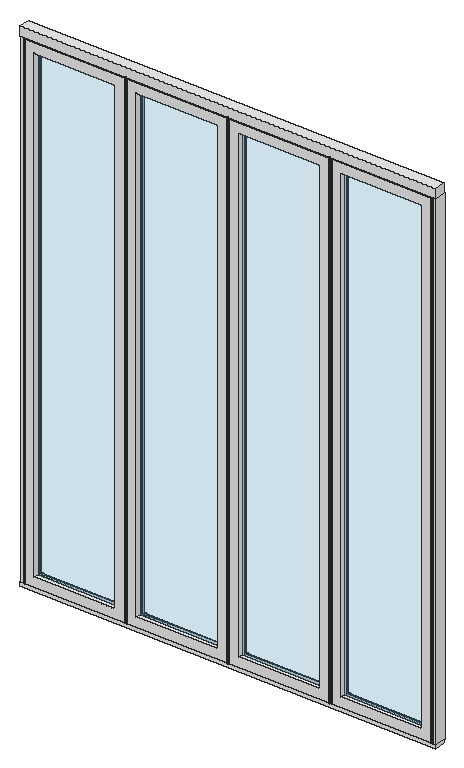
Revit family "98134", category Windows, host Wall, Revit 2018 (continued)
Definition of nested family "Right-Jamb_SL-70"
  Definition of nested family "Detail Item_Right-Jamb_SL-70"
    Lines and regions (mm)
      model lines, in view "Ref. Level"
        curve 560: line (18.875, -6.379, 0) -> (18.875, -6.919, 0)
        curve 561: line (23.125, -6.919, 0) -> (23.125, -6.379, 0)
        curve 562: line (23.125, -6.379, 0) -> (22, -4.431, 0)
        curve 563: line (22, -4.431, 0) -> (22, -4.183, 0)
        curve 564: line (22, 9.945, 0) -> (22, 10.192, 0)
        curve 565: line (22, 10.192, 0) -> (23.125, 12.141, 0)
        curve 566: line (23.125, 12.141, 0) -> (23.125, 12.681, 0)
        curve 567: line (23.275, 6.149, 0) -> (23.275, -0.387, 0)
        curve 568: line (25.075, -1.831, 0) -> (25.075, 7.592, 0)
        curve 569: line (22.925, 12.881, 0) -> (19.075, 12.881, 0)
        curve 570: line (22.775, -1.253, 0) -> (20.5, -2.567, 0)
        curve 571: line (22.25, -3.75, 0) -> (24.825, -2.264, 0)
        curve 572: line (19.075, -7.119, 0) -> (22.925, -7.119, 0)
        curve 573: line (24.825, 8.025, 0) -> (22.25, 9.512, 0)
        curve 574: line (20.5, 8.328, 0) -> (22.775, 7.015, 0)
      model lines, in view "Ref. Level", visible <- "Half"
        curve 4: arc (35.75, -40.619, 0) -> (36.25, -40.119, 0) -> (35.75, -39.619, 0) r 0.5
        curve 5: circle (38.75, -47.619, 0) r 3.25 normal (0, 0, 1)
        curve 6: arc (41.55, -22.119, 0) -> (40.086, -18.584, 0) -> (36.55, -17.119, 0) r 5
        curve 7: arc (32.75, -47.619, 0) -> (41.848, -52.757, 0) -> (41.55, -42.313, 0) r 6
        curve 8: circle (38.75, -47.619, 0) r 3.75 normal (0, 0, 1)
        curve 9: line (40.55, -42.955, 0) -> (41.55, -42.313, 0)
        curve 10: arc (32.182, -27.272, 0) -> (31.113, -27.987, 0) -> (30.7, -29.204, 0) r 2
        curve 11: arc (30.7, -34.634, 0) -> (31.113, -35.852, 0) -> (32.182, -36.566, 0) r 2
        curve 12: circle (38.75, -47.619, 0) r 4.5 normal (0, 0, 1)
        curve 13: arc (35.67, -41.333, 0) -> (35.046, -53.559, 0) -> (45.75, -47.619, 0) r 7
        curve 14: arc (36.95, -24.619, 0) -> (36.243, -24.912, 0) -> (35.95, -25.619, 0) r 1
        curve 15: arc (41.75, -39.619, 0) -> (41.25, -40.119, 0) -> (41.75, -40.619, 0) r 0.5
        curve 16: arc (35.67, -41.333, 0) -> (35.874, -41.149, 0) -> (35.95, -40.884, 0) r 0.5
        curve 17: circle (38.75, -47.619, 0) r 4 normal (0, 0, 1)
        curve 18: circle (38.75, -47.619, 0) r 3.1 normal (0, 0, 1)
        curve 19: arc (46.8, -29.204, 0) -> (46.387, -27.987, 0) -> (45.318, -27.272, 0) r 2
        curve 20: arc (45.318, -36.566, 0) -> (46.387, -35.852, 0) -> (46.8, -34.634, 0) r 2
        curve 31: line (32.75, -47.619, 0) -> (32.75, -41.021, 0)
        curve 32: line (32.75, -41.021, 0) -> (34.25, -40.619, 0)
        curve 33: line (34.25, -40.619, 0) -> (35.75, -40.619, 0)
        curve 34: line (41.55, -22.119, 0) -> (41.55, -42.313, 0)
        curve 35: line (35.75, -39.619, 0) -> (35.75, -35.419, 0)
        curve 36: line (35.75, -35.419, 0) -> (33.75, -34.883, 0)
        curve 37: line (33.75, -34.883, 0) -> (33.75, -28.955, 0)
        curve 38: line (33.75, -28.955, 0) -> (35.75, -28.419, 0)
        curve 39: line (35.75, -28.419, 0) -> (35.75, -17.119, 0)
        curve 40: line (35.75, -17.119, 0) -> (36.55, -17.119, 0)
        curve 41: line (33.2, -35.119, 0) -> (33.5, -35.119, 0)
        curve 42: line (33.5, -35.119, 0) -> (33.5, -36.919, 0)
        curve 43: line (33.5, -36.919, 0) -> (32.182, -36.566, 0)
        curve 44: line (33.75, -34.119, 0) -> (33.2, -34.119, 0)
        curve 45: line (33.2, -33.619, 0) -> (33.75, -33.619, 0)
        curve 57: line (33.5, -28.119, 0) -> (35.2, -28.119, 0)
        curve 58: line (35.2, -28.119, 0) -> (35.2, -28.567, 0)
        curve 59: line (33.5, -29.119, 0) -> (33.5, -26.919, 0)
        curve 60: line (33.5, -26.919, 0) -> (32.182, -27.272, 0)
        curve 61: line (33.2, -36.839, 0) -> (33.2, -27, 0)
        curve 62: line (30.7, -29.204, 0) -> (30.7, -34.634, 0)
        curve 63: line (38.75, -57.619, 0) -> (38.75, -37.619, 0)
        curve 64: line (28.75, -47.619, 0) -> (48.75, -47.619, 0)
        curve 65: line (41.75, -39.619, 0) -> (41.75, -40.619, 0)
        curve 66: line (41.75, -40.619, 0) -> (43.25, -40.619, 0)
        curve 67: line (43.25, -40.619, 0) -> (45.75, -41.289, 0)
        curve 68: line (45.75, -41.289, 0) -> (45.75, -47.619, 0)
        curve 69: line (35.95, -40.884, 0) -> (35.95, -25.619, 0)
        curve 70: line (36.95, -24.619, 0) -> (41.75, -24.619, 0)
        curve 71: line (41.75, -24.619, 0) -> (41.75, -28.624, 0)
        curve 72: line (41.75, -28.624, 0) -> (42.3, -30.135, 0)
        curve 73: line (43.75, -34.119, 0) -> (43.75, -34.883, 0)
        curve 74: line (43.75, -34.883, 0) -> (41.75, -35.419, 0)
        curve 75: line (41.75, -35.419, 0) -> (41.75, -39.619, 0)
        curve 76: line (46.8, -29.204, 0) -> (46.8, -34.634, 0)
        curve 77: line (44.3, -36.839, 0) -> (44.3, -27, 0)
        curve 78: line (45.318, -36.566, 0) -> (44, -36.919, 0)
        curve 79: line (44, -36.919, 0) -> (44, -35.119, 0)
        curve 80: line (44, -35.119, 0) -> (44.3, -35.119, 0)
        curve 81: line (44, -29.119, 0) -> (44, -26.919, 0)
        curve 82: line (44, -26.919, 0) -> (45.318, -27.272, 0)
        curve 83: line (44, -28.119, 0) -> (42.3, -28.119, 0)
        curve 84: line (42.3, -28.119, 0) -> (42.3, -33.619, 0)
        curve 85: line (42.3, -33.619, 0) -> (42.3, -34.119, 0)
        curve 86: line (42.3, -34.119, 0) -> (44.3, -34.119, 0)
        curve 87: line (44.3, -33.619, 0) -> (42.3, -33.619, 0)
        curve 89: arc (87.333, -10.712, 0) -> (86.252, -11.046, 0) -> (86.585, -12.127, 0) r 0.8
        curve 90: arc (98.723, -11.441, 0) -> (98.155, -10.63, 0) -> (97.344, -11.198, 0) r 0.7
        curve 91: arc (98.187, -14.482, 0) -> (98.301, -14.837, 0) -> (98.658, -14.944, 0) r 0.4
        curve 92: arc (95.356, -14.949, 0) -> (96.263, -14.963, 0) -> (96.808, -14.239, 0) r 1
        curve 93: arc (103.645, -11.676, 0) -> (102.883, -10.628, 0) -> (101.864, -11.427, 0) r 0.9
        curve 94: arc (98.658, -14.944, 0) -> (100.84, -13.714, 0) -> (101.864, -11.427, 0) r 4
        curve 95: arc (97.596, 14.059, 0) -> (97.96, 13.568, 0) -> (98.543, 13.381, 0) r 1
        curve 96: arc (101.709, 13.381, 0) -> (102.487, 13.752, 0) -> (102.687, 14.591, 0) r 1
        curve 97: arc (97.345, 15.906, 0) -> (97.385, 14.971, 0) -> (97.596, 14.059, 0) r 5.106
        curve 98: arc (92.742, 19.693, 0) -> (92.376, 19.904, 0) -> (91.979, 19.759, 0) r 0.5
        curve 99: arc (92.912, 19.45, 0) -> (93.627, 18.823, 0) -> (94.55, 18.597, 0) r 2
        curve 100: arc (98.121, 19.759, 0) -> (97.724, 19.904, 0) -> (97.358, 19.693, 0) r 0.5
        curve 101: arc (90.6, 17.181, 0) -> (90.84, 16.635, 0) -> (91.4, 16.431, 0) r 0.759
        curve 102: arc (101.355, 17.213, 0) -> (101.186, 17.337, 0) -> (100.982, 17.381, 0) r 0.5
        curve 103: arc (102.687, 14.591, 0) -> (102.191, 15.989, 0) -> (101.355, 17.213, 0) r 5.76
        curve 104: arc (95.55, 18.597, 0) -> (96.473, 18.823, 0) -> (97.188, 19.45, 0) r 2
        curve 105: arc (97.345, 15.906, 0) -> (97.208, 16.276, 0) -> (96.846, 16.431, 0) r 0.5
        curve 187: arc (50.9, -21.519, 0) -> (51.046, -21.873, 0) -> (51.4, -22.019, 0) r 0.5
        curve 188: arc (53.8, -22.019, 0) -> (54.154, -21.873, 0) -> (54.3, -21.519, 0) r 0.5
        curve 189: arc (54.3, -20.519, 0) -> (54.154, -20.166, 0) -> (53.8, -20.019, 0) r 0.5
        curve 190: arc (55.25, -19.619, 0) -> (55.144, -19.663, 0) -> (55.1, -19.769, 0) r 0.15
        curve 191: arc (57.2, -19.419, 0) -> (56.907, -18.712, 0) -> (56.2, -18.419, 0) r 1
        curve 192: arc (56.1, -21.118, 0) -> (55.981, -20.905, 0) -> (55.737, -20.895, 0) r 0.25
        curve 193: arc (50.273, -16.232, 0) -> (47.031, -16.185, 0) -> (43.854, -16.837, 0) r 15
        curve 194: arc (50.127, -17.423, 0) -> (47.225, -17.373, 0) -> (44.376, -17.93, 0) r 13.8
        curve 195: arc (43.08, -19.477, 0) -> (44.853, -20.876, 0) -> (47.046, -21.417, 0) r 5.341
        curve 196: arc (50.127, -17.423, 0) -> (50.795, -16.901, 0) -> (50.273, -16.232, 0) r 0.6
        curve 197: arc (50.1, -19.769, 0) -> (50.056, -19.663, 0) -> (49.95, -19.619, 0) r 0.15
        curve 198: arc (51.4, -20.019, 0) -> (51.046, -20.166, 0) -> (50.9, -20.519, 0) r 0.5
        curve 199: arc (47.35, -19.619, 0) -> (47.244, -19.663, 0) -> (47.2, -19.769, 0) r 0.15
        curve 200: arc (49.463, -21.114, 0) -> (49.219, -21.124, 0) -> (49.1, -21.337, 0) r 0.25
        curve 201: arc (47.046, -21.417, 0) -> (47.155, -21.375, 0) -> (47.2, -21.267, 0) r 0.15
        curve 202: arc (43.854, -16.837, 0) -> (42.767, -17.952, 0) -> (43.08, -19.477, 0) r 1.662
        curve 203: arc (44.376, -17.93, 0) -> (44.203, -18.206, 0) -> (44.45, -18.419, 0) r 0.25
        curve 204: arc (79.755, 10.089, 0) -> (79.693, 10.27, 0) -> (79.534, 10.378, 0) r 0.3
        curve 205: arc (79.955, 8.647, 0) -> (80.556, 8.919, 0) -> (80.748, 9.55, 0) r 0.8
        curve 206: arc (80.842, 9.802, 0) -> (80.771, 9.686, 0) -> (80.757, 9.551, 0) r 0.3
        curve 207: arc (81.102, 10.061, 0) -> (81.148, 10.134, 0) -> (81.16, 10.22, 0) r 0.2
        curve 208: arc (81.124, 13.147, 0) -> (80.646, 12.462, 0) -> (81.028, 11.721, 0) r 0.808
        curve 209: arc (79.876, 17.14, 0) -> (79.702, 17.105, 0) -> (79.624, 16.947, 0) r 0.2
        curve 210: arc (99.32, 22.868, 0) -> (97.722, 26.401, 0) -> (94.124, 27.847, 0) r 5.2
        curve 211: arc (98.82, 22.347, 0) -> (99.181, 22.501, 0) -> (99.32, 22.868, 0) r 0.5
        curve 212: arc (90.824, 22.347, 0) -> (89.764, 21.907, 0) -> (89.324, 20.847, 0) r 1.5
        curve 213: arc (89.324, 18.847, 0) -> (89.676, 17.998, 0) -> (90.524, 17.647, 0) r 1.2
        curve 214: arc (101.124, 22.647, 0) -> (99.074, 27.596, 0) -> (94.124, 29.647, 0) r 7
        curve 215: arc (57.624, 24.988, 0) -> (57.774, 27.317, 0) -> (57.624, 29.647, 0) r 18.161
        curve 216: arc (58.872, 24.653, 0) -> (59.046, 24.688, 0) -> (59.124, 24.847, 0) r 0.2
        curve 217: arc (59.124, 16.947, 0) -> (59.046, 17.105, 0) -> (58.872, 17.14, 0) r 0.2
        curve 218: arc (57.72, 11.721, 0) -> (58.102, 12.462, 0) -> (57.624, 13.147, 0) r 0.808
        curve 219: arc (57.589, 10.22, 0) -> (57.659, 10.049, 0) -> (57.84, 10.009, 0) r 0.2
        curve 220: arc (79.532, -8.085, 0) -> (79.693, -7.978, 0) -> (79.755, -7.795, 0) r 0.3
        curve 221: arc (80.748, -7.257, 0) -> (80.556, -6.626, 0) -> (79.955, -6.353, 0) r 0.8
        curve 222: arc (80.757, -7.258, 0) -> (80.771, -7.393, 0) -> (80.842, -7.509, 0) r 0.3
        curve 223: arc (81.16, -7.927, 0) -> (81.148, -7.841, 0) -> (81.102, -7.768, 0) r 0.2
        curve 224: arc (81.028, -9.427, 0) -> (80.646, -10.169, 0) -> (81.124, -10.853, 0) r 0.808
        curve 225: arc (79.624, -14.653, 0) -> (79.702, -14.812, 0) -> (79.876, -14.847, 0) r 0.2
        curve 226: arc (79.876, -22.36, 0) -> (79.702, -22.395, 0) -> (79.624, -22.553, 0) r 0.2
        curve 227: arc (79.624, -27.653, 0) -> (79.702, -27.812, 0) -> (79.876, -27.847, 0) r 0.2
        curve 228: arc (79.876, -35.36, 0) -> (79.702, -35.395, 0) -> (79.624, -35.553, 0) r 0.2
        curve 229: arc (81.124, -35.695, 0) -> (80.974, -38.024, 0) -> (81.124, -40.353, 0) r 18.161
        curve 230: arc (42.624, -40.353, 0) -> (42.774, -38.024, 0) -> (42.624, -35.695, 0) r 18.161
        curve 231: arc (44.124, -35.553, 0) -> (44.046, -35.395, 0) -> (43.872, -35.36, 0) r 0.2
        curve 232: arc (43.872, -27.847, 0) -> (44.046, -27.812, 0) -> (44.124, -27.653, 0) r 0.2
        curve 233: arc (43.817, -24.353, 0) -> (43.141, -24.616, 0) -> (42.821, -25.266, 0) r 1
        curve 234: arc (48.524, -19.353, 0) -> (47.817, -19.646, 0) -> (47.524, -20.353, 0) r 1
        curve 235: arc (50.224, -19.853, 0) -> (50.078, -19.5, 0) -> (49.724, -19.353, 0) r 0.5
        curve 236: arc (55.724, -19.353, 0) -> (55.371, -19.5, 0) -> (55.224, -19.853, 0) r 0.5
        curve 237: arc (57.624, -11.853, 0) -> (57.917, -12.561, 0) -> (58.624, -12.853, 0) r 1
        curve 238: arc (57.624, -10.853, 0) -> (58.102, -10.169, 0) -> (57.72, -9.427, 0) r 0.808
        curve 239: arc (57.84, -7.716, 0) -> (57.659, -7.756, 0) -> (57.589, -7.927, 0) r 0.2
        curve 240: arc (90, -17.385, 0) -> (89.293, -17.678, 0) -> (89, -18.385, 0) r 1
        curve 241: arc (90, -17.385, 0) -> (89.293, -17.678, 0) -> (89, -18.385, 0) r 1
        curve 242: arc (90, -17.385, 0) -> (89.293, -17.678, 0) -> (89, -18.385, 0) r 1
        curve 243: arc (90, -17.385, 0) -> (89.293, -17.678, 0) -> (89, -18.385, 0) r 1
        curve 244: arc (91.4, -17.685, 0) -> (91.312, -17.473, 0) -> (91.1, -17.385, 0) r 0.3
        curve 245: arc (91.4, -17.685, 0) -> (91.312, -17.473, 0) -> (91.1, -17.385, 0) r 0.3
        curve 246: arc (91.4, -17.685, 0) -> (91.312, -17.473, 0) -> (91.1, -17.385, 0) r 0.3
        curve 247: arc (91.4, -17.685, 0) -> (91.312, -17.473, 0) -> (91.1, -17.385, 0) r 0.3
        curve 248: arc (98.8, -17.385, 0) -> (98.588, -17.473, 0) -> (98.5, -17.685, 0) r 0.3
        curve 249: arc (98.8, -17.385, 0) -> (98.588, -17.473, 0) -> (98.5, -17.685, 0) r 0.3
        curve 250: arc (98.8, -17.385, 0) -> (98.588, -17.473, 0) -> (98.5, -17.685, 0) r 0.3
        curve 251: arc (98.8, -17.385, 0) -> (98.588, -17.473, 0) -> (98.5, -17.685, 0) r 0.3
        curve 252: arc (82.6, -35.585, 0) -> (82.249, -34.737, 0) -> (81.4, -34.385, 0) r 1.2
        curve 253: arc (82.546, -26.932, 0) -> (82.384, -26.823, 0) -> (82.193, -26.785, 0) r 0.5
        curve 254: arc (82.6, -35.585, 0) -> (82.249, -34.737, 0) -> (81.4, -34.385, 0) r 1.2
        curve 255: arc (82.546, -26.932, 0) -> (82.384, -26.823, 0) -> (82.193, -26.785, 0) r 0.5
        curve 256: arc (82.6, -35.585, 0) -> (82.249, -34.737, 0) -> (81.4, -34.385, 0) r 1.2
        curve 257: arc (82.546, -26.932, 0) -> (82.384, -26.823, 0) -> (82.193, -26.785, 0) r 0.5
        curve 258: arc (82.6, -35.585, 0) -> (82.249, -34.737, 0) -> (81.4, -34.385, 0) r 1.2
        curve 259: arc (82.546, -26.932, 0) -> (82.384, -26.823, 0) -> (82.193, -26.785, 0) r 0.5
        curve 260: arc (77.95, -27.06, 0) -> (77.767, -27.243, 0) -> (77.7, -27.493, 0) r 0.5
        curve 261: arc (77.95, -27.06, 0) -> (77.767, -27.243, 0) -> (77.7, -27.493, 0) r 0.5
        curve 262: arc (77.95, -27.06, 0) -> (77.767, -27.243, 0) -> (77.7, -27.493, 0) r 0.5
        curve 263: arc (77.95, -27.06, 0) -> (77.767, -27.243, 0) -> (77.7, -27.493, 0) r 0.5
        curve 264: arc (77.7, -28.085, 0) -> (77.846, -28.439, 0) -> (78.2, -28.585, 0) r 0.5
        curve 265: arc (77.7, -28.085, 0) -> (77.846, -28.439, 0) -> (78.2, -28.585, 0) r 0.5
        curve 266: arc (77.7, -28.085, 0) -> (77.846, -28.439, 0) -> (78.2, -28.585, 0) r 0.5
        curve 267: arc (77.7, -28.085, 0) -> (77.846, -28.439, 0) -> (78.2, -28.585, 0) r 0.5
        curve 268: arc (79.5, -26.685, 0) -> (79.35, -26.425, 0) -> (79.05, -26.425, 0) r 0.3
        curve 269: arc (79.5, -26.685, 0) -> (79.35, -26.425, 0) -> (79.05, -26.425, 0) r 0.3
        curve 270: arc (79.5, -26.685, 0) -> (79.35, -26.425, 0) -> (79.05, -26.425, 0) r 0.3
        curve 271: arc (79.5, -26.685, 0) -> (79.35, -26.425, 0) -> (79.05, -26.425, 0) r 0.3
        curve 272: arc (78.393, -35.644, 0) -> (78.534, -35.702, 0) -> (78.676, -35.644, 0) r 0.2
        curve 273: arc (78.393, -35.644, 0) -> (78.534, -35.702, 0) -> (78.676, -35.644, 0) r 0.2
        curve 274: arc (78.393, -35.644, 0) -> (78.534, -35.702, 0) -> (78.676, -35.644, 0) r 0.2
        curve 275: arc (78.393, -35.644, 0) -> (78.534, -35.702, 0) -> (78.676, -35.644, 0) r 0.2
        curve 276: arc (78.1, -34.385, 0) -> (77.73, -34.632, 0) -> (77.817, -35.068, 0) r 0.4
        curve 277: arc (78.1, -34.385, 0) -> (77.73, -34.632, 0) -> (77.817, -35.068, 0) r 0.4
        curve 278: arc (78.1, -34.385, 0) -> (77.73, -34.632, 0) -> (77.817, -35.068, 0) r 0.4
        curve 279: arc (78.1, -34.385, 0) -> (77.73, -34.632, 0) -> (77.817, -35.068, 0) r 0.4
        curve 280: arc (89, -20.385, 0) -> (89.351, -21.234, 0) -> (90.2, -21.585, 0) r 1.2
        curve 281: arc (89, -20.385, 0) -> (89.351, -21.234, 0) -> (90.2, -21.585, 0) r 1.2
        curve 282: arc (89, -20.385, 0) -> (89.351, -21.234, 0) -> (90.2, -21.585, 0) r 1.2
        curve 283: arc (89, -20.385, 0) -> (89.351, -21.234, 0) -> (90.2, -21.585, 0) r 1.2
        curve 284: arc (82.854, -27.239, 0) -> (83.016, -27.347, 0) -> (83.207, -27.385, 0) r 0.5
        curve 285: arc (82.854, -27.239, 0) -> (83.016, -27.347, 0) -> (83.207, -27.385, 0) r 0.5
        curve 286: arc (82.854, -27.239, 0) -> (83.016, -27.347, 0) -> (83.207, -27.385, 0) r 0.5
        curve 287: arc (82.854, -27.239, 0) -> (83.016, -27.347, 0) -> (83.207, -27.385, 0) r 0.5
        curve 288: line (87.333, -10.712, 0) -> (95.356, -14.949, 0)
        curve 289: line (98.723, -11.441, 0) -> (98.187, -14.482, 0)
        curve 290: line (96.808, -14.239, 0) -> (97.344, -11.198, 0)
        curve 291: line (103.645, -11.676, 0) -> (102.386, -18.819, 0)
        curve 292: line (102.386, -18.819, 0) -> (101, -19.619, 0)
        curve 293: line (101, -19.619, 0) -> (101, -17.619, 0)
        curve 294: line (101, -17.619, 0) -> (98.5, -17.619, 0)
        curve 295: line (98.5, -17.619, 0) -> (98.5, -18.419, 0)
        curve 296: line (98.5, -18.419, 0) -> (86.585, -12.127, 0)
        curve 297: line (101.709, 13.381, 0) -> (98.543, 13.381, 0)
        curve 298: line (92.912, 19.45, 0) -> (92.742, 19.693, 0)
        curve 299: line (91.979, 19.759, 0) -> (90.6, 18.381, 0)
        curve 300: line (90.6, 18.381, 0) -> (91.4, 18.381, 0)
        curve 301: line (97.358, 19.693, 0) -> (97.188, 19.45, 0)
        curve 302: line (95.55, 18.597, 0) -> (94.55, 18.597, 0)
        curve 303: line (91.4, 16.431, 0) -> (96.846, 16.431, 0)
        curve 304: line (90.6, 17.181, 0) -> (90.6, 17.381, 0)
        curve 305: line (90.6, 17.381, 0) -> (91.4, 17.381, 0)
        curve 306: line (91.4, 17.381, 0) -> (91.4, 18.381, 0)
        curve 307: line (91.4, 18.381, 0) -> (91.4, 17.381, 0)
        curve 308: line (98.121, 19.759, 0) -> (99.5, 18.381, 0)
        curve 309: line (99.5, 18.381, 0) -> (98.5, 18.381, 0)
        curve 310: line (98.5, 18.381, 0) -> (98.5, 17.381, 0)
        curve 311: line (98.5, 17.381, 0) -> (100.982, 17.381, 0)
        curve 312: line (100.982, 17.381, 0) -> (98.5, 17.381, 0)
        curve 313: line (98.5, 17.381, 0) -> (98.5, 18.381, 0)
        curve 314: line (98.5, 18.381, 0) -> (99.5, 18.381, 0)
        curve 315: line (99.5, 18.381, 0) -> (99.5, 20.381, 0)
        curve 575: line (63.65, 32.181, 0) -> (58.85, 32.181, 0)
        curve 576: line (58.85, 32.181, 0) -> (58.85, 33.181, 0)
        curve 577: line (58.85, 33.181, 0) -> (63.65, 33.181, 0)
        curve 578: line (63.65, 33.181, 0) -> (63.65, 32.181, 0)
        curve 579: line (61.25, 29.181, 0) -> (61.25, 32.181, 0)
        curve 580: line (61.25, 32.181, 0) -> (60.721, 29.181, 0)
        curve 581: line (60.235, 32.181, 0) -> (59.706, 29.181, 0)
        curve 582: line (60.742, 32.181, 0) -> (60.213, 29.181, 0)
        curve 583: line (61.25, 32.181, 0) -> (61.779, 29.181, 0)
        curve 584: line (61.758, 32.181, 0) -> (62.287, 29.181, 0)
        curve 585: line (62.265, 32.181, 0) -> (62.794, 29.181, 0)
        curve 586: line (50.39, -22.919, 0) -> (49.1, -21.629, 0)
        curve 587: line (56.1, -21.41, 0) -> (54.59, -22.919, 0)
        curve 588: line (44.45, -18.419, 0) -> (56.2, -18.419, 0)
        curve 589: line (57.2, -19.419, 0) -> (57.2, -19.619, 0)
        curve 590: line (57.2, -19.619, 0) -> (55.25, -19.619, 0)
        curve 591: line (55.1, -19.769, 0) -> (55.1, -21.219, 0)
        curve 592: line (55.1, -21.219, 0) -> (55.737, -20.895, 0)
        curve 593: line (56.1, -21.118, 0) -> (56.1, -21.41, 0)
        curve 594: line (54.3, -21.519, 0) -> (54.3, -20.519, 0)
        curve 595: line (49.463, -21.114, 0) -> (50.1, -21.438, 0)
        curve 596: line (50.1, -21.438, 0) -> (50.1, -19.769, 0)
        curve 597: line (50.9, -20.519, 0) -> (50.9, -21.519, 0)
        curve 598: line (53.8, -20.019, 0) -> (51.4, -20.019, 0)
        curve 599: line (49.95, -19.619, 0) -> (47.35, -19.619, 0)
        curve 600: line (49.1, -21.629, 0) -> (49.1, -21.337, 0)
        curve 601: line (47.2, -19.769, 0) -> (47.2, -21.267, 0)
        curve 602: line (54.59, -22.919, 0) -> (50.39, -22.919, 0)
        curve 603: line (51.4, -22.019, 0) -> (53.8, -22.019, 0)
        curve 604: line (79.755, 10.089, 0) -> (79.755, 8.647, 0)
        curve 605: line (79.755, 8.647, 0) -> (79.955, 8.647, 0)
        curve 606: line (80.842, 9.802, 0) -> (81.102, 10.061, 0)
        curve 607: line (81.16, 10.22, 0) -> (81.028, 11.721, 0)
        curve 608: line (81.124, 13.147, 0) -> (81.124, 16.805, 0)
        curve 609: line (81.124, 16.805, 0) -> (79.876, 17.14, 0)
        curve 610: line (79.624, 16.947, 0) -> (79.624, 15.147, 0)
        curve 611: line (79.624, 15.147, 0) -> (76.224, 15.147, 0)
        curve 612: line (76.224, 15.147, 0) -> (76.224, 27.847, 0)
        curve 613: line (76.224, 27.847, 0) -> (79.624, 27.847, 0)
        curve 614: line (79.624, 27.847, 0) -> (80.124, 24.347, 0)
        curve 615: line (80.124, 24.347, 0) -> (81.124, 24.347, 0)
        curve 616: line (81.124, 24.347, 0) -> (81.124, 27.847, 0)
        curve 617: line (81.124, 27.847, 0) -> (94.124, 27.847, 0)
        curve 618: line (98.82, 22.347, 0) -> (90.824, 22.347, 0)
        curve 619: line (89.324, 20.847, 0) -> (89.324, 18.847, 0)
        curve 620: line (90.524, 17.647, 0) -> (91.524, 17.647, 0)
        curve 621: line (91.524, 17.647, 0) -> (91.524, 18.647, 0)
        curve 622: line (91.524, 18.647, 0) -> (90.524, 18.647, 0)
        curve 623: line (90.524, 18.647, 0) -> (90.524, 20.647, 0)
        curve 624: line (90.524, 20.647, 0) -> (99.624, 20.647, 0)
        curve 625: line (99.624, 20.647, 0) -> (99.624, 18.647, 0)
        curve 626: line (99.624, 18.647, 0) -> (98.624, 18.647, 0)
        curve 627: line (98.624, 18.647, 0) -> (98.624, 17.647, 0)
        curve 628: line (98.624, 17.647, 0) -> (101.124, 17.647, 0)
        curve 629: line (101.124, 17.647, 0) -> (101.124, 22.647, 0)
        curve 630: line (94.124, 29.647, 0) -> (57.624, 29.647, 0)
        curve 631: line (57.624, 24.988, 0) -> (58.872, 24.653, 0)
        curve 632: line (59.124, 24.847, 0) -> (59.124, 27.847, 0)
        curve 633: line (59.124, 27.847, 0) -> (62.524, 27.847, 0)
        curve 634: line (62.524, 27.847, 0) -> (62.524, 15.147, 0)
        curve 635: line (62.524, 15.147, 0) -> (59.124, 15.147, 0)
        curve 636: line (59.124, 15.147, 0) -> (59.124, 16.947, 0)
        curve 637: line (58.872, 17.14, 0) -> (57.624, 16.805, 0)
        curve 638: line (57.624, 16.805, 0) -> (57.624, 13.147, 0)
        curve 639: line (57.624, 13.147, 0) -> (57.624, 16.805, 0)
        curve 640: line (57.72, 11.721, 0) -> (57.589, 10.22, 0)
        curve 641: line (78.127, -8.462, 0) -> (79.532, -8.085, 0)
        curve 642: line (79.755, -7.795, 0) -> (79.755, -6.353, 0)
        curve 643: line (79.755, -6.353, 0) -> (79.955, -6.353, 0)
        curve 644: line (80.842, -7.509, 0) -> (81.102, -7.768, 0)
        curve 645: line (81.16, -7.927, 0) -> (81.028, -9.427, 0)
        curve 646: line (81.124, -10.853, 0) -> (81.124, -14.512, 0)
        curve 647: line (81.124, -14.512, 0) -> (79.876, -14.847, 0)
        curve 648: line (79.624, -14.653, 0) -> (79.624, -12.853, 0)
        curve 649: line (79.624, -12.853, 0) -> (76.224, -12.853, 0)
        curve 650: line (76.224, -12.853, 0) -> (76.224, -24.353, 0)
        curve 651: line (76.224, -24.353, 0) -> (79.624, -24.353, 0)
        curve 652: line (79.624, -24.353, 0) -> (79.624, -22.553, 0)
        curve 653: line (79.876, -22.36, 0) -> (81.124, -22.695, 0)
        curve 654: line (81.124, -22.695, 0) -> (81.124, -27.512, 0)
        curve 655: line (81.124, -27.512, 0) -> (79.876, -27.847, 0)
        curve 656: line (79.624, -27.653, 0) -> (79.624, -25.853, 0)
        curve 657: line (79.624, -25.853, 0) -> (76.224, -25.853, 0)
        curve 658: line (76.224, -25.853, 0) -> (76.224, -38.553, 0)
        curve 659: line (76.224, -38.553, 0) -> (79.624, -38.553, 0)
        curve 660: line (79.624, -38.553, 0) -> (79.624, -35.553, 0)
        curve 661: line (79.876, -35.36, 0) -> (81.124, -35.695, 0)
        curve 662: line (81.124, -40.353, 0) -> (42.624, -40.353, 0)
        curve 663: line (42.624, -35.695, 0) -> (43.872, -35.36, 0)
        curve 664: line (44.124, -35.553, 0) -> (44.124, -38.553, 0)
        curve 665: line (44.124, -38.553, 0) -> (47.524, -38.553, 0)
        curve 666: line (47.524, -38.553, 0) -> (47.524, -25.853, 0)
        curve 667: line (47.524, -25.853, 0) -> (44.124, -25.853, 0)
        curve 668: line (44.124, -25.853, 0) -> (44.124, -27.653, 0)
        curve 669: line (43.872, -27.847, 0) -> (42.624, -27.512, 0)
        curve 670: line (42.624, -27.512, 0) -> (42.821, -25.266, 0)
        curve 671: line (43.817, -24.353, 0) -> (47.524, -24.353, 0)
        curve 672: line (47.524, -24.353, 0) -> (47.524, -20.353, 0)
        curve 673: line (48.524, -19.353, 0) -> (49.724, -19.353, 0)
        curve 674: line (55.724, -19.353, 0) -> (62.524, -19.353, 0)
        curve 675: line (62.524, -19.353, 0) -> (62.524, -12.853, 0)
        curve 676: line (62.524, -12.853, 0) -> (58.624, -12.853, 0)
        curve 677: line (57.624, -11.853, 0) -> (57.624, -10.853, 0)
        curve 678: line (57.72, -9.427, 0) -> (57.589, -7.927, 0)
        curve 679: line (57.84, -7.716, 0) -> (60.622, -8.462, 0)
        curve 680: line (99.6, -20.385, 0) -> (90.2, -20.385, 0)
        curve 681: line (90.2, -20.385, 0) -> (90.2, -18.385, 0)
        curve 682: line (90.2, -18.385, 0) -> (90.2, -20.385, 0)
        curve 683: line (90.2, -20.385, 0) -> (90.2, -18.385, 0)
        curve 684: line (90.2, -18.385, 0) -> (90.2, -20.385, 0)
        curve 685: line (90.2, -20.385, 0) -> (99.6, -20.385, 0)
        curve 686: line (99.6, -20.385, 0) -> (90.2, -20.385, 0)
        curve 687: line (90.2, -20.385, 0) -> (99.6, -20.385, 0)
        curve 688: line (89, -20.385, 0) -> (89, -18.385, 0)
        curve 689: line (89, -18.385, 0) -> (89, -20.385, 0)
        curve 690: line (89, -20.385, 0) -> (89, -18.385, 0)
        curve 691: line (89, -18.385, 0) -> (89, -20.385, 0)
        curve 692: line (98.8, -17.385, 0) -> (101, -17.385, 0)
        curve 693: line (101, -17.385, 0) -> (98.8, -17.385, 0)
        curve 694: line (98.8, -17.385, 0) -> (101, -17.385, 0)
        curve 695: line (101, -17.385, 0) -> (101, -40.385, 0)
        curve 696: line (101, -40.385, 0) -> (101, -17.385, 0)
        curve 697: line (101, -17.385, 0) -> (101, -40.385, 0)
        curve 698: line (101, -40.385, 0) -> (101, -17.385, 0)
        curve 699: line (101, -17.385, 0) -> (98.8, -17.385, 0)
        curve 700: line (90, -17.385, 0) -> (91.1, -17.385, 0)
        curve 701: line (91.1, -17.385, 0) -> (90, -17.385, 0)
        curve 702: line (90, -17.385, 0) -> (91.1, -17.385, 0)
        curve 703: line (91.1, -17.385, 0) -> (90, -17.385, 0)
        curve 704: line (90.2, -18.385, 0) -> (91.4, -18.385, 0)
        curve 705: line (91.4, -18.385, 0) -> (90.2, -18.385, 0)
        curve 706: line (90.2, -18.385, 0) -> (91.4, -18.385, 0)
        curve 707: line (91.4, -18.385, 0) -> (90.2, -18.385, 0)
        curve 708: line (91.4, -18.385, 0) -> (91.4, -17.685, 0)
        curve 709: line (91.4, -17.685, 0) -> (91.4, -18.385, 0)
        curve 710: line (91.4, -18.385, 0) -> (91.4, -17.685, 0)
        curve 711: line (91.4, -17.685, 0) -> (91.4, -18.385, 0)
        curve 712: line (98.5, -18.385, 0) -> (99.6, -18.385, 0)
        curve 713: line (99.6, -18.385, 0) -> (99.6, -20.385, 0)
        curve 714: line (99.6, -20.385, 0) -> (99.6, -18.385, 0)
        curve 715: line (99.6, -18.385, 0) -> (99.6, -20.385, 0)
        curve 716: line (99.6, -20.385, 0) -> (99.6, -18.385, 0)
        curve 717: line (99.6, -18.385, 0) -> (98.5, -18.385, 0)
        curve 718: line (98.5, -18.385, 0) -> (99.6, -18.385, 0)
        curve 719: line (99.6, -18.385, 0) -> (98.5, -18.385, 0)
        curve 720: line (98.5, -18.385, 0) -> (98.5, -17.619, 0)
        curve 721: line (98.5, -17.619, 0) -> (98.5, -18.385, 0)
        curve 722: line (98.5, -18.385, 0) -> (98.5, -17.619, 0)
        curve 723: line (98.5, -17.619, 0) -> (98.5, -18.385, 0)
        curve 724: line (99.6, -27.385, 0) -> (99.6, -21.585, 0)
        curve 725: line (99.6, -21.585, 0) -> (90.2, -21.585, 0)
        curve 726: line (90.2, -21.585, 0) -> (99.6, -21.585, 0)
        curve 727: line (99.6, -21.585, 0) -> (90.2, -21.585, 0)
        curve 728: line (90.2, -21.585, 0) -> (99.6, -21.585, 0)
        curve 729: line (99.6, -21.585, 0) -> (99.6, -27.385, 0)
        curve 730: line (99.6, -27.385, 0) -> (99.6, -21.585, 0)
        curve 731: line (99.6, -21.585, 0) -> (99.6, -27.385, 0)
        curve 732: line (99.6, -38.985, 0) -> (99.6, -28.585, 0)
        curve 733: line (99.6, -28.585, 0) -> (78.2, -28.585, 0)
        curve 734: line (78.2, -28.585, 0) -> (99.6, -28.585, 0)
        curve 735: line (99.6, -28.585, 0) -> (78.2, -28.585, 0)
        curve 736: line (78.2, -28.585, 0) -> (99.6, -28.585, 0)
        curve 737: line (99.6, -28.585, 0) -> (99.6, -38.985, 0)
        curve 738: line (99.6, -38.985, 0) -> (99.6, -28.585, 0)
        curve 739: line (99.6, -28.585, 0) -> (99.6, -38.985, 0)
        curve 740: line (83.207, -27.385, 0) -> (99.6, -27.385, 0)
        curve 741: line (99.6, -27.385, 0) -> (83.207, -27.385, 0)
        curve 742: line (83.207, -27.385, 0) -> (99.6, -27.385, 0)
        curve 743: line (99.6, -27.385, 0) -> (83.207, -27.385, 0)
        curve 744: line (101, -40.385, 0) -> (81, -40.385, 0)
        curve 745: line (81, -40.385, 0) -> (101, -40.385, 0)
        curve 746: line (101, -40.385, 0) -> (81, -40.385, 0)
        curve 747: line (81, -40.385, 0) -> (101, -40.385, 0)
        curve 748: line (82.6, -35.585, 0) -> (82.6, -38.985, 0)
        curve 749: line (82.6, -38.985, 0) -> (99.6, -38.985, 0)
        curve 750: line (99.6, -38.985, 0) -> (82.6, -38.985, 0)
        curve 751: line (82.6, -38.985, 0) -> (99.6, -38.985, 0)
        curve 752: line (99.6, -38.985, 0) -> (82.6, -38.985, 0)
        curve 753: line (82.6, -38.985, 0) -> (82.6, -35.585, 0)
        curve 754: line (82.6, -35.585, 0) -> (82.6, -38.985, 0)
        curve 755: line (82.6, -38.985, 0) -> (82.6, -35.585, 0)
        curve 756: line (81, -39.185, 0) -> (81.4, -39.185, 0)
        curve 757: line (81.4, -39.185, 0) -> (81.4, -35.385, 0)
        curve 758: line (81.4, -35.385, 0) -> (81.4, -39.185, 0)
        curve 759: line (81.4, -39.185, 0) -> (81.4, -35.385, 0)
        curve 760: line (81.4, -35.385, 0) -> (81.4, -39.185, 0)
        curve 761: line (81.4, -39.185, 0) -> (81, -39.185, 0)
        curve 762: line (81, -39.185, 0) -> (81.4, -39.185, 0)
        curve 763: line (81.4, -39.185, 0) -> (81, -39.185, 0)
        curve 764: line (77.95, -27.06, 0) -> (79.05, -26.425, 0)
        curve 765: line (79.05, -26.425, 0) -> (77.95, -27.06, 0)
        curve 766: line (77.95, -27.06, 0) -> (79.05, -26.425, 0)
        curve 767: line (79.05, -26.425, 0) -> (77.95, -27.06, 0)
        curve 768: line (77.7, -28.085, 0) -> (77.7, -27.493, 0)
        curve 769: line (77.7, -27.493, 0) -> (77.7, -28.085, 0)
        curve 770: line (77.7, -28.085, 0) -> (77.7, -27.493, 0)
        curve 771: line (77.7, -27.493, 0) -> (77.7, -28.085, 0)
        curve 772: line (79.5, -26.685, 0) -> (79.5, -27.085, 0)
        curve 773: line (79.5, -27.085, 0) -> (79.5, -26.685, 0)
        curve 774: line (79.5, -26.685, 0) -> (79.5, -27.085, 0)
        curve 775: line (79.5, -27.085, 0) -> (79.5, -26.685, 0)
        curve 776: line (79.2, -27.085, 0) -> (79.2, -27.585, 0)
        curve 777: line (79.2, -27.585, 0) -> (81.4, -27.585, 0)
        curve 778: line (81.4, -27.585, 0) -> (79.2, -27.585, 0)
        curve 779: line (79.2, -27.585, 0) -> (81.4, -27.585, 0)
        curve 780: line (81.4, -27.585, 0) -> (81.4, -26.785, 0)
        curve 781: line (81.4, -26.785, 0) -> (81.4, -27.585, 0)
        curve 782: line (81.4, -27.585, 0) -> (81.4, -26.785, 0)
        curve 783: line (81.4, -26.785, 0) -> (81.4, -27.585, 0)
        curve 784: line (81.4, -27.585, 0) -> (79.2, -27.585, 0)
        curve 785: line (79.2, -27.585, 0) -> (79.2, -27.085, 0)
        curve 786: line (79.2, -27.085, 0) -> (79.2, -27.585, 0)
        curve 787: line (79.2, -27.585, 0) -> (79.2, -27.085, 0)
        curve 788: line (81.4, -26.785, 0) -> (82.193, -26.785, 0)
        curve 789: line (82.193, -26.785, 0) -> (81.4, -26.785, 0)
        curve 790: line (81.4, -26.785, 0) -> (82.193, -26.785, 0)
        curve 791: line (82.193, -26.785, 0) -> (81.4, -26.785, 0)
        curve 792: line (79.5, -27.085, 0) -> (79.2, -27.085, 0)
        curve 793: line (79.2, -27.085, 0) -> (79.5, -27.085, 0)
        curve 794: line (79.5, -27.085, 0) -> (79.2, -27.085, 0)
        curve 795: line (79.2, -27.085, 0) -> (79.5, -27.085, 0)
        curve 796: line (78.1, -34.385, 0) -> (81.4, -34.385, 0)
        curve 797: line (81.4, -34.385, 0) -> (78.1, -34.385, 0)
        curve 798: line (78.1, -34.385, 0) -> (81.4, -34.385, 0)
        curve 799: line (81.4, -34.385, 0) -> (78.1, -34.385, 0)
        curve 800: line (78.393, -35.644, 0) -> (77.817, -35.068, 0)
        curve 801: line (77.817, -35.068, 0) -> (78.393, -35.644, 0)
        curve 802: line (78.393, -35.644, 0) -> (77.817, -35.068, 0)
        curve 803: line (77.817, -35.068, 0) -> (78.393, -35.644, 0)
        curve 804: line (81.4, -35.385, 0) -> (78.934, -35.385, 0)
        curve 805: line (78.934, -35.385, 0) -> (81.4, -35.385, 0)
        curve 806: line (81.4, -35.385, 0) -> (78.934, -35.385, 0)
        curve 807: line (78.934, -35.385, 0) -> (81.4, -35.385, 0)
        curve 808: line (78.934, -35.385, 0) -> (78.676, -35.644, 0)
        curve 809: line (78.676, -35.644, 0) -> (78.934, -35.385, 0)
        curve 810: line (78.934, -35.385, 0) -> (78.676, -35.644, 0)
        curve 811: line (78.676, -35.644, 0) -> (78.934, -35.385, 0)
        curve 812: line (82.546, -26.932, 0) -> (82.854, -27.239, 0)
        curve 813: line (82.854, -27.239, 0) -> (82.546, -26.932, 0)
        curve 814: line (82.546, -26.932, 0) -> (82.854, -27.239, 0)
        curve 815: line (82.854, -27.239, 0) -> (82.546, -26.932, 0)
        curve 816: line (81, -40.385, 0) -> (81, -39.185, 0)
        curve 817: line (81, -39.185, 0) -> (81, -40.385, 0)
        curve 818: line (81, -40.385, 0) -> (81, -39.185, 0)
        curve 819: line (81, -39.185, 0) -> (81, -40.385, 0)
        curve 820: line (49.224, -20.353, 0) -> (50.224, -20.353, 0)
        curve 821: line (50.224, -20.353, 0) -> (50.224, -19.853, 0)
        curve 822: line (50.224, -19.853, 0) -> (50.224, -20.353, 0)
        curve 823: line (50.224, -20.353, 0) -> (49.224, -20.353, 0)
        curve 824: line (49.224, -20.353, 0) -> (49.224, -24.353, 0)
        curve 825: line (49.224, -24.353, 0) -> (56.224, -24.353, 0)
        curve 826: line (56.224, -24.353, 0) -> (56.224, -20.353, 0)
        curve 827: line (56.224, -20.353, 0) -> (55.224, -20.353, 0)
        curve 828: line (55.224, -20.353, 0) -> (55.224, -19.853, 0)
        curve 829: line (57.839, 10.009, 0) -> (60.673, 10.768, 0)
        curve 830: line (60.673, 10.768, 0) -> (59.873, 12.16, 0)
        curve 831: line (59.873, 12.16, 0) -> (59.748, 12.323, 0)
        curve 832: line (59.748, 12.323, 0) -> (59.33, 12.737, 0)
        curve 833: line (59.33, 12.737, 0) -> (59.227, 13.144, 0)
        curve 834: line (59.227, 13.144, 0) -> (64.024, 13.144, 0)
        curve 835: line (64.024, 13.144, 0) -> (64.024, 12.386, 0)
        curve 836: line (64.024, 12.386, 0) -> (63.076, 10.744, 0)
        curve 837: line (63.244, 10.642, 0) -> (64.325, 10.646, 0)
        curve 838: line (64.325, 10.646, 0) -> (65.172, 10.877, 0)
        curve 839: line (65.172, 10.877, 0) -> (65.794, 11.494, 0)
        curve 840: line (65.794, 11.494, 0) -> (66.02, 12.331, 0)
        curve 841: line (66.02, 12.331, 0) -> (66.027, 12.637, 0)
        curve 842: line (66.027, 12.637, 0) -> (66.18, 12.99, 0)
        curve 843: line (66.18, 12.99, 0) -> (66.525, 13.142, 0)
        curve 844: line (66.525, 13.142, 0) -> (72.23, 13.142, 0)
        curve 845: line (72.23, 13.142, 0) -> (72.57, 12.997, 0)
        curve 846: line (72.57, 12.997, 0) -> (72.725, 12.646, 0)
        curve 847: line (72.725, 12.646, 0) -> (72.723, 12.346, 0)
        curve 848: line (72.723, 12.346, 0) -> (72.955, 11.491, 0)
        curve 849: line (72.955, 11.491, 0) -> (73.588, 10.865, 0)
        curve 850: line (73.588, 10.865, 0) -> (74.424, 10.643, 0)
        curve 851: line (74.424, 10.643, 0) -> (75.731, 10.643, 0)
        curve 852: line (75.731, 10.643, 0) -> (74.724, 12.388, 0)
        curve 853: line (74.724, 12.388, 0) -> (74.732, 13.145, 0)
        curve 854: line (74.732, 13.145, 0) -> (79.522, 13.145, 0)
        curve 855: line (79.522, 13.145, 0) -> (79.423, 12.742, 0)
        curve 856: line (79.423, 12.742, 0) -> (79.14, 12.437, 0)
        curve 857: line (79.14, 12.437, 0) -> (78.989, 12.315, 0)
        curve 858: line (78.989, 12.315, 0) -> (78.278, 11.124, 0)
        curve 859: line (79.534, 10.378, 0) -> (79.693, 10.271, 0)
        curve 860: line (79.693, 10.271, 0) -> (79.755, 10.089, 0)
        curve 861: line (79.755, 10.089, 0) -> (79.755, 8.647, 0)
        curve 862: line (79.755, 8.647, 0) -> (79.955, 8.647, 0)
        curve 863: line (64.261, 27.813, 0) -> (74.52, 27.813, 0)
        curve 864: line (74.52, 27.813, 0) -> (74.52, 15.146, 0)
        curve 865: line (74.52, 15.146, 0) -> (64.261, 15.146, 0)
        curve 866: line (64.261, 15.146, 0) -> (64.261, 27.813, 0)
        curve 867: line (49.287, -26.102, 0) -> (49.287, -38.563, 0)
        curve 868: line (49.287, -38.563, 0) -> (62.559, -38.563, 0)
        curve 869: line (62.559, -38.563, 0) -> (62.572, -37.587, 0)
        curve 870: line (62.572, -37.587, 0) -> (62.866, -36.856, 0)
        curve 871: line (62.866, -36.856, 0) -> (63.584, -36.575, 0)
        curve 872: line (63.584, -36.575, 0) -> (64.273, -36.575, 0)
        curve 873: line (64.273, -36.575, 0) -> (64.273, -38.589, 0)
        curve 874: line (64.273, -38.589, 0) -> (74.553, -38.589, 0)
        curve 875: line (74.553, -38.589, 0) -> (74.553, -12.897, 0)
        curve 876: line (74.553, -12.897, 0) -> (64.252, -12.897, 0)
        curve 877: line (64.252, -12.897, 0) -> (64.252, -19.475, 0)
        curve 878: line (64.252, -19.475, 0) -> (64.086, -20.25, 0)
        curve 879: line (64.086, -20.25, 0) -> (63.41, -20.903, 0)
        curve 880: line (63.41, -20.903, 0) -> (62.574, -21.099, 0)
        curve 881: line (62.574, -21.099, 0) -> (57.974, -21.099, 0)
        curve 882: line (57.974, -21.099, 0) -> (57.974, -24.411, 0)
        curve 883: line (57.974, -24.411, 0) -> (57.75, -25.243, 0)
        curve 884: line (57.75, -25.243, 0) -> (57.083, -25.882, 0)
        curve 885: line (57.083, -25.882, 0) -> (56.255, -26.102, 0)
        curve 886: line (56.255, -26.102, 0) -> (49.287, -26.102, 0)
        curve 887: line (60.772, -8.561, 0) -> (60.588, -8.888, 0)
        curve 888: line (60.517, -8.861, 0) -> (59.922, -9.908, 0)
        curve 889: line (59.922, -9.908, 0) -> (59.806, -10.052, 0)
        curve 890: line (59.806, -10.052, 0) -> (59.619, -10.215, 0)
        curve 891: line (59.619, -10.215, 0) -> (59.379, -10.483, 0)
        curve 892: line (59.379, -10.483, 0) -> (59.278, -10.888, 0)
        curve 893: line (59.278, -10.888, 0) -> (64.066, -10.888, 0)
        curve 894: line (64.066, -10.888, 0) -> (64.066, -10.106, 0)
        curve 895: line (64.066, -10.106, 0) -> (63.138, -8.497, 0)
        curve 896: line (63.292, -8.385, 0) -> (64.38, -8.389, 0)
        curve 897: line (64.38, -8.389, 0) -> (65.023, -8.509, 0)
        curve 898: line (65.023, -8.509, 0) -> (65.583, -8.887, 0)
        curve 899: line (65.583, -8.887, 0) -> (65.979, -9.442, 0)
        curve 900: line (65.979, -9.442, 0) -> (66.087, -10.092, 0)
        curve 901: line (66.087, -10.092, 0) -> (66.077, -10.383, 0)
        curve 902: line (66.077, -10.383, 0) -> (66.226, -10.74, 0)
        curve 903: line (66.226, -10.74, 0) -> (66.556, -10.862, 0)
        curve 904: line (66.556, -10.862, 0) -> (72.295, -10.876, 0)
        curve 905: line (72.295, -10.876, 0) -> (72.641, -10.716, 0)
        curve 906: line (72.641, -10.716, 0) -> (72.784, -10.388, 0)
        curve 907: line (72.784, -10.388, 0) -> (72.784, -10.068, 0)
        curve 908: line (72.784, -10.068, 0) -> (72.877, -9.461, 0)
        curve 909: line (72.877, -9.461, 0) -> (73.256, -8.889, 0)
        curve 910: line (73.256, -8.889, 0) -> (73.845, -8.512, 0)
        curve 911: line (73.845, -8.512, 0) -> (74.447, -8.389, 0)
        curve 912: line (74.447, -8.389, 0) -> (75.554, -8.389, 0)
        curve 913: line (75.721, -8.486, 0) -> (74.771, -10.13, 0)
        curve 914: line (74.771, -10.13, 0) -> (74.771, -10.872, 0)
        curve 915: line (74.771, -10.872, 0) -> (79.574, -10.872, 0)
        curve 916: line (79.574, -10.872, 0) -> (79.477, -10.474, 0)
        curve 917: line (79.477, -10.474, 0) -> (79.129, -10.126, 0)
        curve 918: line (79.036, -10.048, 0) -> (78.326, -8.87, 0)
        curve 919: line (78.262, -8.891, 0) -> (78.035, -8.522, 0)
      detail lines, in view "Ref. Level", visible <- "Half"
        curve 920: line (79.532, 10.378, 0) -> (78.279, 11.126, 0)
    Dimensions and locks
      aligned: curve 858 to curve 920
      aligned: curve 204 to curve 920
Definition of nested family "Sash_SL-70_NanaWall"
  Parameters
    Width = 29 135/256"
    Sash = none
    Height = 141 7/16"
    Glass = none
    Filler = none
    Depth = 3 19/128"
    Assembly Code = ""
  Reference planes
    plane 1 "Center (Front/Back)": y = -206.375
    plane 2: z = 0
    plane 3 "Center (Left/Right)": x = 0.314
    plane 4 "Interior": y = -166.39
    plane 5 "Exterior": y = -246.36
    plane 6 "Left": x = -374.684
    plane 7 "Right": x = 375.311
    plane 8 "Left Interior Edge of Sash": x = -297.57
    plane 9 "Interior Edge of Glass": y = -196.297
    plane 10 "Exterior Edge of Glass": y = -220.365
    plane 11 "Left Edge": x = -317.414
    plane 12 "Right Interior Edge of Sash": x = 298.218
    plane 13 "Right Edge": x = 318.062
    plane 14 "Left Interior Edge of Filler": x = -366.052
    plane 15 "Top": z = 3592.513
    plane 16 "Top Interior Edge of Filler": z = 3583.88
    plane 17 "Bottom Interior Edge of Filler": z = 8.632
    plane 18 "Right Interior Edge of Filler": x = 366.679
    plane 19 "Top Edge": z = 3535.243
    plane 20 "Bottom Edge of Glass": z = 62.032
    plane 21 "Left Edge of Glass": x = -312.652
    plane 22 "Right Edge of Glass": x = 313.279
    plane 23 "Top Edge Of Glass": z = 3530.48
    plane 24: z = 66.795
    plane 25: z = 57.27
  Forms (mm)
    Sweep 1, solid, material <- "Filler"
      path origin (0, -206.375, 0) x (1, 0, 0) y (0, 0, 1)
        loop
          line (366.679, 0) -> (366.679, 3583.88) -> (-366.052, 3583.88) -> (-366.052, 0)
      profile origin (-366.052, -206.375, 1791.94) x (0, -1, 0) y (1, 0, 0)
        loop
          line (-39.985, -8.632) -> (39.985, -8.632) -> (39.985, 0) -> (-39.985, 0) -> (-39.985, -8.632)
    Sweep 2, solid, material <- "Sash"
      path origin (0, -206.375, 0) x (1, 0, 0) y (0, 0, 1)
        loop
          line (-366.052, 3583.88) -> (-366.052, 0) -> (366.679, 0) -> (366.679, 3583.88) -> (-366.052, 3583.88)
      profile origin (-366.052, -206.375, 1791.94) x (0, -1, 0) y (1, 0, 0)
        loop
          line (39.985, 0) -> (39.985, 27.901)
          arc (39.985, 27.901) -> (38.352, 31.08) -> (35.015, 32.357) r 5
          line (35.015, 32.357) -> (30.281, 32.357) -> (30.281, 61.481)
          arc (30.281, 61.481) -> (28.23, 66.431) -> (23.281, 68.481) r 7
          line (23.281, 68.481) -> (13.99, 68.481) -> (13.99, 48.638) -> (-10.078, 48.638) -> (-10.078, 68.481) -> (-39.985, 68.481) -> (-39.985, 0) -> (39.985, 0)
    Extrusion 3, solid, material <- "Glass"
      sketch origin (0, -206.375, 0) x (1, 0, 0) y (0, 0, 1)
        loop
          line (-312.652, 3530.48) -> (-312.652, 57.27) -> (313.279, 57.27) -> (313.279, 3530.48) -> (-312.652, 3530.48)
      from -10.078 to 13.99
  Lines and regions (mm)
    Masking region 1
      outline origin (0, 0, 0) x (1, 0, 0) y (0, 1, 0)
        loop
          line (-374.684, -166.39) -> (-374.684, -246.36) -> (-338.497, -246.36)
          arc (-338.497, -246.36) -> (-335.101, -244.954) -> (-333.695, -241.558) r 4.802
          line (-333.695, -241.558) -> (-333.695, -236.656) -> (-304.334, -236.656)
          arc (-304.334, -236.656) -> (-299.551, -234.675) -> (-297.57, -229.892) r 6.764
          line (-297.57, -229.892) -> (-297.57, -220.365) -> (-317.414, -220.365) -> (-317.414, -196.297) -> (-297.57, -196.297) -> (-297.57, -166.39) -> (-374.684, -166.39)
    Masking region 2, detail levels medium+fine
      outline origin (0, 0, 0) x (1, 0, 0) y (0, 1, 0)
        loop
          line (-374.684, -166.39) -> (-374.684, -246.36) -> (-366.052, -246.36) -> (-366.052, -166.39) -> (-374.684, -166.39)
    Masking region 3
      outline origin (0, 0, 0) x (1, 0, 0) y (0, 1, 0)
        loop
          line (-312.652, -196.297) -> (-312.652, -220.365) -> (313.279, -220.365) -> (313.279, -196.297) -> (-312.652, -196.297)
    Masking region 4
      outline origin (0, 0, 0) x (1, 0, 0) y (0, 1, 0)
        loop
          line (298.218, -166.39) -> (298.218, -196.297) -> (318.062, -196.297) -> (318.062, -220.365) -> (298.218, -220.365) -> (298.218, -229.867)
          arc (298.218, -229.867) -> (300.206, -234.667) -> (305.006, -236.656) r 6.788
          line (305.006, -236.656) -> (334.322, -236.656) -> (334.322, -241.618)
          arc (334.322, -241.618) -> (335.711, -244.971) -> (339.064, -246.36) r 4.742
          line (339.064, -246.36) -> (375.311, -246.36) -> (375.311, -166.39) -> (298.218, -166.39)
    Masking region 5, detail levels medium+fine
      outline origin (0, 0, 0) x (1, 0, 0) y (0, 1, 0)
        loop
          line (366.679, -166.39) -> (366.679, -246.36) -> (375.311, -246.36) -> (375.311, -166.39) -> (366.679, -166.39)
    Masking region 6
      outline origin (0, 0, 0) x (1, 0, 0) y (0, 1, 0)
        loop
          line (-297.57, -196.297) -> (298.218, -196.297) -> (298.218, -166.39) -> (-297.57, -166.39) -> (-297.57, -196.297)
    Masking region 7
      outline origin (0, 0, 0) x (1, 0, 0) y (0, 1, 0)
        loop
          arc (-333.695, -241.39) -> (-334.972, -244.727) -> (-338.151, -246.36) r 5
          line (-338.151, -246.36) -> (338.778, -246.36)
          arc (338.778, -246.36) -> (335.599, -244.727) -> (334.322, -241.39) r 5
          line (334.322, -241.39) -> (334.322, -236.653) -> (305.205, -236.653)
          arc (305.205, -236.653) -> (300.259, -234.604) -> (298.21, -229.658) r 6.995
          line (298.21, -229.658) -> (298.21, -220.365) -> (-297.57, -220.365) -> (-297.57, -229.656)
          arc (-297.57, -229.656) -> (-299.555, -234.538) -> (-304.382, -236.653) r 7
          line (-304.382, -236.653) -> (-333.695, -236.653) -> (-333.695, -241.39)
    Masking region 8
      outline origin (0, 0, 0) x (1, 0, 0) y (0, 1, 0)
        loop
          line (-317.414, -220.365) -> (-312.652, -220.365) -> (-312.652, -196.297) -> (-317.414, -196.297) -> (-317.414, -220.365)
    Masking region 9
      outline origin (0, 0, 0) x (1, 0, 0) y (0, 1, 0)
        loop
          line (318.062, -220.365) -> (318.062, -196.297) -> (313.279, -196.297) -> (313.279, -220.365) -> (318.062, -220.365)
    symbolic lines
      curve 1: line (-338.151, -246.36, 0) -> (338.778, -246.36, 0)
      curve 2: line (-297.57, -166.39, 0) -> (298.218, -166.39, 0)
    symbolic lines, detail levels medium+fine
      curve 3: line (-304.57, -236.656, 0) -> (305.006, -236.656, 0)
  Text (mm)
    text "INTERIOR" at (-524.144, -39.113, 0), in view "Ref. Level"
    text "EXTERIOR" at (-1483.81, -509.045, 0), in view "Ref. Level"
  Dimensions and locks
    equal spacing: plane 4 "Interior", plane 1 "Center (Front/Back)", plane 5 "Exterior"
    equal spacing: plane 6 "Left", plane 3 "Center (Left/Right)", plane 7 "Right"
    "Depth": plane 4 "Interior" to plane 5 "Exterior"
    locked: plane 4 "Interior" to plane 9 "Interior Edge of Glass" at 29.907
    locked: plane 10 "Exterior Edge of Glass" to plane 5 "Exterior" at 25.995
    locked: plane 11 "Left Edge" to plane 8 "Left Interior Edge of Sash" at 19.844
    locked: plane 12 "Right Interior Edge of Sash" to plane 13 "Right Edge" at 19.844
    locked: plane 6 "Left" to plane 14 "Left Interior Edge of Filler" at 8.632
    "Height": plane 15 "Top" to level
    "Width": plane 6 "Left" to plane 7 "Right"
    locked: plane 18 "Right Interior Edge of Filler" to plane 7 "Right" at 8.632
    locked: plane 15 "Top" to plane 16 "Top Interior Edge of Filler" at 8.632
    locked: plane 16 "Top Interior Edge of Filler" to plane 19 "Top Edge" at 48.638
    locked: plane 14 "Left Interior Edge of Filler" to plane 8 "Left Interior Edge of Sash" at 68.481
    locked: plane 12 "Right Interior Edge of Sash" to plane 18 "Right Interior Edge of Filler" at 68.461
    locked: plane 11 "Left Edge" to plane 21 "Left Edge of Glass" at 4.763
    plane 22 "Right Edge of Glass" to plane 13 "Right Edge" = 0.1883"
    locked: plane 19 "Top Edge" to plane 23 "Top Edge Of Glass" at 4.762
    locked: plane 24 to plane 20 "Bottom Edge of Glass" at 4.763
    plane 24 to level = 2.62971"
    locked: plane 17 "Bottom Interior Edge of Filler" to level at 8.632
    locked: plane 25 to plane 17 "Bottom Interior Edge of Filler" at 48.638
    aligned and locked: Sweep 1 sketch curve to plane 14 "Left Interior Edge of Filler"
    aligned and locked: Sweep 1 sketch curve to plane 16 "Top Interior Edge of Filler"
    aligned and locked: Sweep 1 sketch curve to plane 18 "Right Interior Edge of Filler"
    aligned and locked: plane 6 "Left" to Sweep 1 sketch curve
    aligned and locked: plane 4 "Interior" to Sweep 1 sketch curve
    aligned and locked: plane 14 "Left Interior Edge of Filler" to Sweep 1 sketch curve
    aligned and locked: plane 5 "Exterior" to Sweep 1 sketch curve
    aligned and locked: Sweep 2 sketch curve to plane 14 "Left Interior Edge of Filler"
    aligned and locked: Sweep 2 sketch curve to plane 16 "Top Interior Edge of Filler"
    aligned and locked: Sweep 2 sketch curve to plane 18 "Right Interior Edge of Filler"
    aligned and locked: Sweep 2 sketch curve to plane 4 "Interior"
    aligned and locked: plane 14 "Left Interior Edge of Filler" to Sweep 2 sketch curve
    aligned and locked: Sweep 2 sketch curve to plane 5 "Exterior"
    aligned and locked: plane 11 "Left Edge" to Sweep 2 sketch curve
    aligned and locked: plane 8 "Left Interior Edge of Sash" to Sweep 2 sketch curve  (x2)
    aligned and locked: Sweep 2 sketch curve to plane 9 "Interior Edge of Glass"
    aligned and locked: plane 21 "Left Edge of Glass" to Extrusion 3 sketch curve
    aligned and locked: Extrusion 3 sketch curve to plane 22 "Right Edge of Glass"
    aligned and locked: Extrusion 3 to plane 10 "Exterior Edge of Glass"
    aligned and locked: level to Sweep 1 sketch curve  (x2)
    aligned and locked: Sweep 2 sketch curve to level
    aligned and locked: Extrusion 3 sketch curve to plane 25
    aligned and locked: Masking region 1 sketch curve to plane 6 "Left"
    aligned and locked: Masking region 1 sketch curve to plane 5 "Exterior"
    aligned and locked: Masking region 1 sketch curve to plane 4 "Interior"
    aligned and locked: Masking region 1 sketch curve to plane 8 "Left Interior Edge of Sash"
    aligned and locked: Masking region 1 sketch curve to Sweep 2  (x2)
    aligned and locked: Masking region 1 sketch curve to plane 9 "Interior Edge of Glass"
    aligned and locked: Masking region 1 sketch curve to plane 10 "Exterior Edge of Glass"
    aligned and locked: Masking region 1 sketch curve to plane 11 "Left Edge"
    aligned and locked: Masking region 2 sketch curve to plane 6 "Left"
    aligned and locked: Masking region 2 sketch curve to plane 14 "Left Interior Edge of Filler"
    aligned and locked: Masking region 2 sketch curve to plane 5 "Exterior"
    aligned and locked: Masking region 2 sketch curve to plane 4 "Interior"
    aligned and locked: Masking region 3 sketch curve to plane 9 "Interior Edge of Glass"
    aligned and locked: Masking region 3 sketch curve to plane 10 "Exterior Edge of Glass"
    aligned and locked: Masking region 3 sketch curve to plane 21 "Left Edge of Glass"
    aligned and locked: plane 22 "Right Edge of Glass" to Masking region 3 sketch curve
    aligned and locked: Masking region 4 sketch curve to plane 4 "Interior"
    aligned and locked: Masking region 4 sketch curve to plane 7 "Right"
    aligned and locked: Masking region 4 sketch curve to plane 5 "Exterior"
    aligned and locked: plane 12 "Right Interior Edge of Sash" to Masking region 4 sketch curve
    aligned and locked: Masking region 4 sketch curve to plane 10 "Exterior Edge of Glass"
    aligned and locked: Masking region 4 sketch curve to plane 9 "Interior Edge of Glass"
    aligned and locked: plane 13 "Right Edge" to Masking region 4 sketch curve
    aligned and locked: Sweep 2 to Masking region 4 sketch curve
    aligned and locked: Masking region 4 sketch curve to Sweep 2
    aligned and locked: plane 18 "Right Interior Edge of Filler" to Masking region 5 sketch curve
    aligned and locked: Masking region 5 sketch curve to plane 7 "Right"
    aligned and locked: Masking region 5 sketch curve to plane 5 "Exterior"
    aligned and locked: Masking region 5 sketch curve to plane 4 "Interior"
    aligned and locked: Masking region 6 sketch curve to plane 8 "Left Interior Edge of Sash"
    aligned and locked: Masking region 6 sketch curve to plane 4 "Interior"
    aligned and locked: Masking region 6 sketch curve to plane 9 "Interior Edge of Glass"
    aligned and locked: plane 12 "Right Interior Edge of Sash" to Masking region 6 sketch curve
    aligned and locked: Masking region 7 sketch curve to plane 5 "Exterior"
    aligned and locked: Masking region 7 sketch curve to plane 8 "Left Interior Edge of Sash"
    aligned and locked: Masking region 7 sketch curve to plane 10 "Exterior Edge of Glass"
    aligned and locked: Masking region 8 sketch curve to plane 11 "Left Edge"
    aligned and locked: Masking region 8 sketch curve to plane 21 "Left Edge of Glass"
    aligned and locked: Masking region 8 sketch curve to plane 10 "Exterior Edge of Glass"
    aligned and locked: Masking region 8 sketch curve to plane 9 "Interior Edge of Glass"
    aligned and locked: plane 13 "Right Edge" to Masking region 9 sketch curve
    aligned and locked: plane 22 "Right Edge of Glass" to Masking region 9 sketch curve
    aligned and locked: Masking region 9 sketch curve to plane 9 "Interior Edge of Glass"
    aligned and locked: Masking region 9 sketch curve to plane 10 "Exterior Edge of Glass"
  Automatic sketch dimensions
    plane 1 "Center (Front/Back)" to Sweep 2 sketch curve = 141/256"
    Sweep 2 sketch curve to Sweep 2 sketch curve = 0.27559"
    Sweep 2 sketch curve to Sweep 2 sketch curve = 0.18639"
    Sweep 2 sketch curve to Sweep 2 sketch curve = 0.19568"
    Sweep 2 sketch curve to Sweep 2 sketch curve = 0.02142"
    Sweep 2 sketch curve to Sweep 2 sketch curve = 0.64096"
    Extrusion 3 sketch curve to plane 23 "Top Edge Of Glass" = 0"
    Masking region 1 sketch curve to plane 8 "Left Interior Edge of Sash" = 0"
    plane 5 "Exterior" to Masking region 1 sketch curve = 0.18907"
    plane 8 "Left Interior Edge of Sash" to Masking region 1 sketch curve = 0.26628"
    Masking region 4 sketch curve to plane 12 "Right Interior Edge of Sash" = 0"
    plane 12 "Right Interior Edge of Sash" to Masking region 4 sketch curve = 0.26726"
    Masking region 4 sketch curve to Masking region 4 sketch curve = 0.18669"
    plane 5 "Exterior" to Masking region 7 sketch curve = 0.19568"  (x2)
    plane 11 "Left Edge" to Masking region 7 sketch curve = 0.83781"
    Masking region 7 sketch curve to Masking region 7 sketch curve = 0.02142"
    Masking region 7 sketch curve to Masking region 7 sketch curve = 0.18649"  (x2)
    plane 13 "Right Edge" to Masking region 7 sketch curve = 0.64016"
    Masking region 7 sketch curve to Masking region 7 sketch curve = 0.17543"
    plane 12 "Right Interior Edge of Sash" to Masking region 7 sketch curve = 0.27509"
    plane 8 "Left Interior Edge of Sash" to Masking region 7 sketch curve = 0.26818"
    Masking region 7 sketch curve to plane 12 "Right Interior Edge of Sash" = 0.0003"
    plane 8 "Left Interior Edge of Sash" to Masking region 7 sketch curve = 0.27559"
    curve 1 to plane 5 "Exterior" = 0"
    curve 2 to plane 4 "Interior" = 0"
